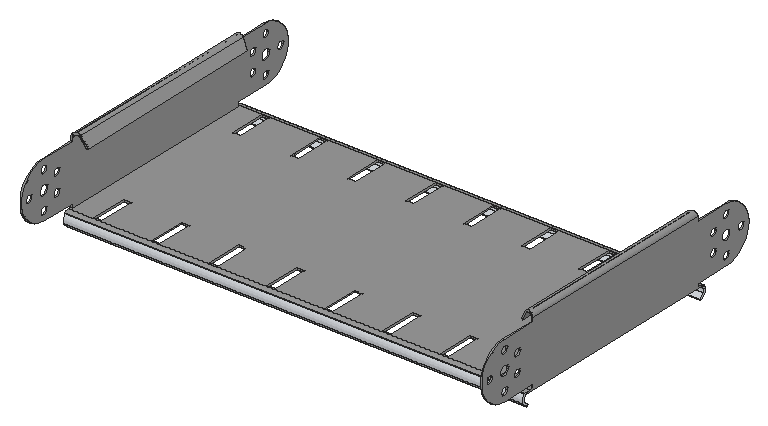
Revit family "Gelenkbogen-Element RGBEV 640FT", category Generic Models, Revit 2017
Family settings
  Can host rebar = No
  Round Connector Dimension = Use Diameter
  Part Type = Normal
  Work Plane-Based = No
  Always vertical = Yes
  Cut with Voids When Loaded = No
  Shared = No
  Room Calculation Point = No
Parameters (values of type "RGBEV 640 FT")
  URL = "http://www.obo-bettermann.com"
  Material = Hot dip galvanised
  Manufacturer Art.No. = "7075405"
  Manufacturer = "OBO BETTERMANN"
  GTIN = "4012196228256"
  Cut's number 2 = 5
  Cut's number = 4
  Article Type = "RGBEV 640 FT"
Reference planes
  plane 1 "Center (Front/Back)": y = 0
  plane 2: z = 0
  plane 3 "Center (Left/Right)": x = 0
  plane 4: z = 60
  plane 5: z = 60
  plane 6: x = -187.5
  plane 7: x = 187.46
  plane 8: z = 49.891
  plane 9: y = 400
  plane 10: y = 200
  plane 11: y = 289.25
  plane 12: y = 110.75
  plane 13: y = 200
  plane 14: y = 298.25
  plane 15: y = 101.75
  plane 16: y = 288.906
  plane 17: y = 111.094
  plane 18: z = 28.502
  plane 19: y = 56
  plane 20: y = 80
  plane 21: y = 200
  plane 22: y = 350
  plane 23: y = 385
  plane 24: z = 52.502
  plane 25: z = 4.502
  plane 26: y = 200
  plane 27: z = 30
  plane 28: y = 344
  plane 29: y = 320
  plane 30: z = 52.502
  plane 31: z = 4.502
  plane 32: z = 28.502
  plane 33: y = 320
  plane 34: y = 344
  plane 35: z = 28.502
  plane 36: y = 80
  plane 37: y = 56
  plane 38: y = 101.5
  plane 39: y = 298.5
  plane 40: z = -11.2
  plane 41: y = 298.5
  plane 42: y = 101.5
  plane 43: z = -11.2
  plane 44: x = -175
  plane 45: y = 275
  plane 46: x = -25
  plane 47: x = 25
  plane 48: y = 275
  plane 49: x = -125
  plane 50: y = 275
  plane 51: x = 25
  plane 52: x = 75
  plane 53: y = 275
  plane 54: x = -75
  plane 55: y = 275
  plane 56: x = 75
  plane 57: x = 125
  plane 58: y = 275
  plane 59: x = -25
  plane 60: y = 275
  plane 61: x = 125
  plane 62: x = 175
  plane 63: y = 275
  plane 64: x = 25
  plane 65: y = 275
  plane 66: x = 175
  plane 67: x = 225
  plane 68: y = 275
  plane 69: x = -225
  plane 70: y = 275
  plane 71: x = -75
  plane 72: x = -25
  plane 73: y = 275
  plane 74: x = -275
  plane 75: y = 275
  plane 76: x = -125
  plane 77: x = -75
  plane 78: y = 275
  plane 79: x = -325
  plane 80: y = 275
  plane 81: x = -175
  plane 82: x = -125
  plane 83: y = 275
  plane 84: x = -175
  plane 85: y = 125
  plane 86: x = -25
  plane 87: x = 25
  plane 88: y = 125
  plane 89: x = -125
  plane 90: y = 125
  plane 91: x = 25
  plane 92: x = 75
  plane 93: y = 125
  plane 94: x = -75
  plane 95: y = 125
  plane 96: x = 75
  plane 97: x = 125
  plane 98: y = 125
  plane 99: x = -25
  plane 100: y = 125
  plane 101: x = 125
  plane 102: x = 175
  plane 103: y = 125
  plane 104: x = 25
  plane 105: y = 125
  plane 106: x = 175
  plane 107: x = 225
  plane 108: y = 125
  plane 109: x = -225
  plane 110: y = 125
  plane 111: x = -75
  plane 112: x = -25
  plane 113: y = 125
  plane 114: x = -275
  plane 115: y = 125
  plane 116: x = -125
  plane 117: x = -75
  plane 118: y = 125
  plane 119: x = -325
  plane 120: y = 125
  plane 121: x = -175
  plane 122: x = -125
  plane 123: y = 125
  plane 124: z = 28.502
  plane 125: y = 80
  plane 126: z = 28.502
  plane 127: y = 320
  plane 128: z = 28.502
  plane 129: y = 80
  plane 130: z = 28.502
  plane 131: y = 320
Forms (mm)
  Extrusion 1, solid, material "Hot dip galvanised" <- "Material"
    sketch origin (0, 0, 0) x (1, 0, 0) y (0, 0, 1)
      loop
        line (-200, 0) -> (200, 0) -> (200, 56)
        arc (200, 56) -> (197.101, 59.848) -> (192.603, 58.121) r 4.003
        line (192.603, 58.121) -> (187.46, 49.891) -> (188.563, 49.202) -> (193.705, 57.432)
        arc (193.705, 57.432) -> (196.742, 58.598) -> (198.7, 56) r 2.703
        line (198.7, 56) -> (198.7, 1.3) -> (-198.7, 1.3) -> (-198.7, 56.008)
        arc (-198.7, 56.008) -> (-196.755, 58.615) -> (-193.701, 57.493) r 2.72
        line (-193.701, 57.493) -> (-188.544, 49.24) -> (-187.441, 49.928) -> (-192.571, 58.138)
        arc (-192.571, 58.138) -> (-197.088, 59.872) -> (-200, 56.008) r 4.02
        line (-200, 56.008) -> (-200, 0)
    from 0 to -400
  Extrusion 2, void
    sketch origin (0, 0, 0) x (1, 0, 0) y (0, 1, 0)
      loop
        line (-198.7, 288.902) -> (-187.441, 285.885) -> (-187.441, 400) -> (-198.7, 400) -> (-198.7, 288.902)
      loop
        line (-198.7, 111.098) -> (-198.7, -1.18) -> (-187.441, -1.18) -> (-187.441, 114.115) -> (-198.7, 111.098)
    from 49.275 to 60.078
  Extrusion 3, void
    sketch origin (0, 0, 0) x (1, 0, 0) y (0, 1, 0)
      loop
        line (198.7, 288.725) -> (198.7, 400) -> (187.46, 400) -> (187.46, 285.714) -> (198.7, 288.725)
      loop
        line (198.7, 111.181) -> (187.46, 114.193) -> (187.46, 0) -> (198.7, 0) -> (198.7, 111.181)
    from 48.892 to 60.301
  Extrusion 4, void
    sketch origin (0, 0, 0) x (0, 1, 0) y (0, 0, 1)
      loop
        line (80, 52.502) -> (111.094, 52.502) -> (111.094, 58.953) -> (-3.906, 58.953) -> (-3.906, 1.3) -> (111.094, 1.3) -> (111.094, 4.502) -> (80, 4.502)
        arc (80, 4.502) -> (56, 28.502) -> (80, 52.502) r 24
    from 198.7 to 200
  Extrusion 5, void
    sketch origin (0, 0, 0) x (0, 1, 0) y (0, 0, 1)
      loop
        arc (320, 52.502) -> (344, 28.502) -> (320, 4.502) r 24
        line (320, 4.502) -> (288.906, 4.502) -> (288.906, 1.3) -> (400, 1.3) -> (400, 58.968) -> (288.906, 58.968) -> (288.906, 52.502) -> (320, 52.502)
    from 198.7 to 200
  Extrusion 6, void
    sketch origin (0, 0, 0) x (0, 1, 0) y (0, 0, 1)
      loop
        arc (320, 52.502) -> (344, 28.502) -> (320, 4.502) r 24
        line (320, 4.502) -> (290, 4.502) -> (290, 1.3) -> (400, 1.3) -> (400, 58.968) -> (288.906, 58.968) -> (288.906, 52.502) -> (320, 52.502)
    from -198.7 to -200
  Extrusion 7, void
    sketch origin (0, 0, 0) x (0, 1, 0) y (0, 0, 1)
      loop
        line (80, 52.502) -> (111.094, 52.502) -> (111.094, 58.968) -> (0, 58.968) -> (0, 1.3) -> (111.094, 1.3) -> (111.094, 4.502) -> (80, 4.502)
        arc (80, 4.502) -> (56, 28.502) -> (80, 52.502) r 24
    from -198.7 to -200
  Extrusion 8, solid
    sketch origin (0, 0, 0) x (0, 1, 0) y (0, 0, 1)
      loop
        line (296.033, 0) -> (292.2, 0)
        arc (292.2, 0) -> (296.216, -2.022) -> (296.985, -6.452) r 5
        line (296.985, -6.452) -> (293.156, -10.281) -> (294.075, -11.2) -> (298.12, -7.155)
        arc (298.12, -7.155) -> (298.248, -3.236) -> (296.033, 0) r 6.3
    from 198.7 to -198.7
  Extrusion 9, solid
    sketch origin (0, 400, 0) x (0, -1, 0) y (0, 0, -1)
      loop
        arc (296.033, 0) -> (298.248, 3.236) -> (298.12, 7.155) r 6.3
        line (298.12, 7.155) -> (294.075, 11.2) -> (293.156, 10.281) -> (296.985, 6.452)
        arc (296.985, 6.452) -> (296.216, 2.022) -> (292.2, 0) r 5
        line (292.2, 0) -> (296.033, 0)
    from 198.7 to -198.7
  Extrusion 10, void
    sketch origin (0, 0, 0) x (0, 1, 0) y (0, 0, 1)
      loop
        arc (103.967, 0) -> (106.224, 0.969) -> (108.657, 1.3) r 9.11
        line (108.657, 1.3) -> (0, 1.3) -> (0, 0) -> (103.967, 0)
    from 200 to -200
  Extrusion 11, void
    sketch origin (0, 400, 0) x (0, -1, 0) y (0, 0, -1)
      loop
        line (103.967, 0) -> (0, 0) -> (0, -1.3) -> (108.657, -1.3)
        arc (108.657, -1.3) -> (106.224, -0.969) -> (103.967, 0) r 9.11
    from 200 to -200
  Extrusion 12, void
    sketch origin (0, 0, 0) x (1, 0, 0) y (0, 1, 0)
      loop
        line (-28.5, 291) -> (-28.5, 259) -> (-21.5, 259) -> (-21.5, 291) -> (-28.5, 291)
    from 1.3 to 0
  Extrusion 13, void
    sketch origin (50, 0, 0) x (1, 0, 0) y (0, 1, 0)
      loop
        line (-28.5, 291) -> (-28.5, 259) -> (-21.5, 259) -> (-21.5, 291) -> (-28.5, 291)
    from 1.3 to 0
  Extrusion 14, void
    sketch origin (100, 0, 0) x (1, 0, 0) y (0, 1, 0)
      loop
        line (-28.5, 291) -> (-28.5, 259) -> (-21.5, 259) -> (-21.5, 291) -> (-28.5, 291)
    from 1.3 to 0
  Extrusion 15, void
    sketch origin (150, 0, 0) x (1, 0, 0) y (0, 1, 0)
      loop
        line (-28.5, 291) -> (-28.5, 259) -> (-21.5, 259) -> (-21.5, 291) -> (-28.5, 291)
    from 1.3 to 0
  Extrusion 16, void
    sketch origin (200, 0, 0) x (1, 0, 0) y (0, 1, 0)
      loop
        line (-28.5, 291) -> (-28.5, 259) -> (-21.5, 259) -> (-21.5, 291) -> (-28.5, 291)
    from 1.3 to 0
  Extrusion 17, void
    sketch origin (-50, 0, 0) x (1, 0, 0) y (0, 1, 0)
      loop
        line (-28.5, 291) -> (-28.5, 259) -> (-21.5, 259) -> (-21.5, 291) -> (-28.5, 291)
    from 1.3 to 0
  Extrusion 18, void
    sketch origin (-100, 0, 0) x (1, 0, 0) y (0, 1, 0)
      loop
        line (-28.5, 291) -> (-28.5, 259) -> (-21.5, 259) -> (-21.5, 291) -> (-28.5, 291)
    from 1.3 to 0
  Extrusion 19, void
    sketch origin (-150, 0, 0) x (1, 0, 0) y (0, 1, 0)
      loop
        line (-28.5, 291) -> (-28.5, 259) -> (-21.5, 259) -> (-21.5, 291) -> (-28.5, 291)
    from 1.3 to 0
  Extrusion 20, void
    sketch origin (0, 400, 0) x (1, 0, 0) y (0, 1, 0)
      loop
        line (-28.5, -291) -> (-21.5, -291) -> (-21.5, -259) -> (-28.5, -259) -> (-28.5, -291)
    from 1.3 to 0
  Extrusion 21, void
    sketch origin (50, 400, 0) x (1, 0, 0) y (0, 1, 0)
      loop
        line (-28.5, -291) -> (-21.5, -291) -> (-21.5, -259) -> (-28.5, -259) -> (-28.5, -291)
    from 1.3 to 0
  Extrusion 22, void
    sketch origin (100, 400, 0) x (1, 0, 0) y (0, 1, 0)
      loop
        line (-28.5, -291) -> (-21.5, -291) -> (-21.5, -259) -> (-28.5, -259) -> (-28.5, -291)
    from 1.3 to 0
  Extrusion 23, void
    sketch origin (150, 400, 0) x (1, 0, 0) y (0, 1, 0)
      loop
        line (-28.5, -291) -> (-21.5, -291) -> (-21.5, -259) -> (-28.5, -259) -> (-28.5, -291)
    from 1.3 to 0
  Extrusion 24, void
    sketch origin (200, 400, 0) x (1, 0, 0) y (0, 1, 0)
      loop
        line (-28.5, -291) -> (-21.5, -291) -> (-21.5, -259) -> (-28.5, -259) -> (-28.5, -291)
    from 1.3 to 0
  Extrusion 25, void
    sketch origin (-50, 400, 0) x (1, 0, 0) y (0, 1, 0)
      loop
        line (-28.5, -291) -> (-21.5, -291) -> (-21.5, -259) -> (-28.5, -259) -> (-28.5, -291)
    from 1.3 to 0
  Extrusion 26, void
    sketch origin (-100, 400, 0) x (1, 0, 0) y (0, 1, 0)
      loop
        line (-28.5, -291) -> (-21.5, -291) -> (-21.5, -259) -> (-28.5, -259) -> (-28.5, -291)
    from 1.3 to 0
  Extrusion 27, void
    sketch origin (-150, 400, 0) x (1, 0, 0) y (0, 1, 0)
      loop
        line (-28.5, -291) -> (-21.5, -291) -> (-21.5, -259) -> (-28.5, -259) -> (-28.5, -291)
    from 1.3 to 0
  Extrusion 28, void
    sketch origin (0, 0, 0) x (0, 1, 0) y (0, 0, 1)
      loop
        circle (80, 28.502) r 4.5
      loop
        circle (93.889, 36.521) r 3.478
      loop
        circle (80, 44.539) r 3.466
      loop
        circle (63.962, 28.502) r 3.483
      loop
        circle (80, 12.464) r 3.5
      loop
        circle (93.889, 20.483) r 3.491
    from -198.7 to -200
  Extrusion 29, void
    sketch origin (0, 400, 0) x (0, -1, 0) y (0, 0, -1)
      loop
        circle (80, -28.502) r 4.5
      loop
        circle (93.889, -36.521) r 3.478
      loop
        circle (80, -44.539) r 3.466
      loop
        circle (63.962, -28.502) r 3.483
      loop
        circle (80, -12.464) r 3.5
      loop
        circle (93.889, -20.483) r 3.491
    from -198.7 to -200
  Extrusion 30, void
    sketch origin (0, 0, 0) x (0, 1, 0) y (0, 0, -1)
      loop
        circle (80, -28.502) r 4.5
      loop
        circle (93.889, -36.521) r 3.478
      loop
        circle (80, -44.539) r 3.466
      loop
        circle (63.962, -28.502) r 3.483
      loop
        circle (80, -12.464) r 3.5
      loop
        circle (93.889, -20.483) r 3.491
    from -198.7 to -200
  Extrusion 31, void
    sketch origin (0, 400, 0) x (0, -1, 0) y (0, 0, 1)
      loop
        circle (80, 28.502) r 4.5
      loop
        circle (93.889, 36.521) r 3.478
      loop
        circle (80, 44.539) r 3.466
      loop
        circle (63.962, 28.502) r 3.483
      loop
        circle (80, 12.464) r 3.5
      loop
        circle (93.889, 20.483) r 3.491
    from -198.7 to -200
Cuts and joins
  Extrusion 2, Extrusion 3, Extrusion 4, Extrusion 5, Extrusion 6, Extrusion 7, Extrusion 10, Extrusion 11, Extrusion 12, Extrusion 13, Extrusion 14, Extrusion 15, Extrusion 16, Extrusion 17, Extrusion 18, Extrusion 19, Extrusion 20, Extrusion 21, Extrusion 22, Extrusion 23, Extrusion 24, Extrusion 25, Extrusion 26, Extrusion 27, Extrusion 28, Extrusion 29, Extrusion 30, Extrusion 31 cuts Extrusion 1
Dimensions and locks
  Extrusion 1 sketch curve to Extrusion 1 sketch curve = 400 mm
  plane 3 "Center (Left/Right)" to Extrusion 1 sketch curve = 200 mm
  Extrusion 1 sketch curve to Extrusion 1 sketch curve = 1.3 mm
  locked: Extrusion 1 sketch curve to Extrusion 1 sketch curve at 1.3  (x6)
  Extrusion 1 sketch curve to Extrusion 1 sketch curve = 12.559 mm
  locked: Extrusion 1 sketch curve to Extrusion 1 sketch curve at 12.54
  locked: Extrusion 1 sketch curve to Extrusion 1 sketch curve at 60.027
  locked: Extrusion 1 sketch curve to Extrusion 1 sketch curve at 60.003
  locked: plane 4 to Extrusion 1 sketch curve at 60
  locked: Extrusion 1 sketch curve to Extrusion 1 sketch curve at 47.902
  locked: Extrusion 1 sketch curve to Extrusion 1 sketch curve at 47.94
  locked: Extrusion 1 to Extrusion 1 at 1.3  (x2)
  locked: plane 1 "Center (Front/Back)" to plane 9 at 400
  cut or joined group 1 (Extrusion 1, Extrusion 2, Extrusion 3, Extrusion 4, Extrusion 5, Extrusion 6, Extrusion 7, Extrusion 10, Extrusion 11, Extrusion 12, Extrusion 13, Extrusion 14, Extrusion 15, Extrusion 16, Extrusion 17, Extrusion 18, Extrusion 19, Extrusion 20, Extrusion 21, Extrusion 22, Extrusion 23, Extrusion 24, Extrusion 25, Extrusion 26, Extrusion 27, Extrusion 28, Extrusion 29, Extrusion 30, Extrusion 31) to plane 13 = 200 mm
  locked: plane 1 "Center (Front/Back)" to plane 21 at 200
  locked: plane 20 to plane 21 at 120
  plane 19 to plane 21 = 144 mm
  plane 24 to plane 18 = 24 mm
  locked: plane 1 "Center (Front/Back)" to plane 26 at 200
  cut or joined group 1 to plane 27 = 30 mm
  locked: plane 26 to plane 28 at 144
  locked: plane 32 to cut or joined group 1 at 24
  locked: plane 34 to plane 26 at 144
  locked: plane 26 to plane 37 at 144
  locked: plane 38 to plane 26 at 98.5
  locked: plane 26 to plane 39 at 98.5
  locked: Extrusion 8 sketch curve to Extrusion 8 sketch curve at 1.3
  locked: Extrusion 8 sketch curve to Extrusion 8 sketch curve at 11.37
  locked: Extrusion 9 sketch curve to Extrusion 9 sketch curve at 1.3
  locked: Extrusion 9 sketch curve to Extrusion 9 sketch curve at 11.37
  plane 44 to plane 3 "Center (Left/Right)" = 175 mm
  locked: Extrusion 12 sketch curve to Extrusion 12 sketch curve at 7
  locked: plane 46 to Extrusion 12 sketch curve at 3.5
  locked: Extrusion 12 sketch curve to Extrusion 12 sketch curve at 32
  locked: plane 48 to Extrusion 12 sketch curve at 16
  locked: Extrusion 13 sketch curve to Extrusion 13 sketch curve at 7
  locked: plane 51 to Extrusion 13 sketch curve at 3.5
  locked: Extrusion 13 sketch curve to Extrusion 13 sketch curve at 32
  locked: plane 53 to Extrusion 13 sketch curve at 16
  locked: Extrusion 14 sketch curve to Extrusion 14 sketch curve at 7
  locked: plane 56 to Extrusion 14 sketch curve at 3.5
  locked: Extrusion 14 sketch curve to Extrusion 14 sketch curve at 32
  locked: plane 58 to Extrusion 14 sketch curve at 16
  locked: Extrusion 15 sketch curve to Extrusion 15 sketch curve at 7
  locked: plane 61 to Extrusion 15 sketch curve at 3.5
  locked: Extrusion 15 sketch curve to Extrusion 15 sketch curve at 32
  locked: plane 63 to Extrusion 15 sketch curve at 16
  locked: Extrusion 16 sketch curve to Extrusion 16 sketch curve at 7
  locked: plane 66 to Extrusion 16 sketch curve at 3.5
  locked: Extrusion 16 sketch curve to Extrusion 16 sketch curve at 32
  locked: plane 68 to Extrusion 16 sketch curve at 16
  locked: Extrusion 17 sketch curve to Extrusion 17 sketch curve at 7
  locked: plane 71 to Extrusion 17 sketch curve at 3.5
  locked: Extrusion 17 sketch curve to Extrusion 17 sketch curve at 32
  locked: plane 73 to Extrusion 17 sketch curve at 16
  locked: Extrusion 18 sketch curve to Extrusion 18 sketch curve at 7
  locked: plane 76 to Extrusion 18 sketch curve at 3.5
  locked: Extrusion 18 sketch curve to Extrusion 18 sketch curve at 32
  locked: plane 78 to Extrusion 18 sketch curve at 16
  locked: Extrusion 19 sketch curve to Extrusion 19 sketch curve at 7
  locked: plane 81 to Extrusion 19 sketch curve at 3.5
  locked: Extrusion 19 sketch curve to Extrusion 19 sketch curve at 32
  locked: plane 83 to Extrusion 19 sketch curve at 16
  locked: Extrusion 20 sketch curve to Extrusion 20 sketch curve at 7
  locked: plane 86 to Extrusion 20 sketch curve at 3.5
  locked: Extrusion 20 sketch curve to Extrusion 20 sketch curve at 32
  locked: Extrusion 20 sketch curve to plane 88 at 16
  locked: Extrusion 21 sketch curve to Extrusion 21 sketch curve at 7
  locked: plane 91 to Extrusion 21 sketch curve at 3.5
  locked: Extrusion 21 sketch curve to Extrusion 21 sketch curve at 32
  locked: Extrusion 21 sketch curve to plane 93 at 16
  locked: Extrusion 22 sketch curve to Extrusion 22 sketch curve at 7
  locked: plane 96 to Extrusion 22 sketch curve at 3.5
  locked: Extrusion 22 sketch curve to Extrusion 22 sketch curve at 32
  locked: Extrusion 22 sketch curve to plane 98 at 16
  locked: Extrusion 23 sketch curve to Extrusion 23 sketch curve at 7
  locked: plane 101 to Extrusion 23 sketch curve at 3.5
  locked: Extrusion 23 sketch curve to Extrusion 23 sketch curve at 32
  locked: Extrusion 23 sketch curve to plane 103 at 16
  locked: Extrusion 24 sketch curve to Extrusion 24 sketch curve at 7
  locked: plane 106 to Extrusion 24 sketch curve at 3.5
  locked: Extrusion 24 sketch curve to Extrusion 24 sketch curve at 32
  locked: plane 108 to Extrusion 24 sketch curve at 16
  locked: Extrusion 25 sketch curve to Extrusion 25 sketch curve at 7
  locked: plane 111 to Extrusion 25 sketch curve at 3.5
  locked: Extrusion 25 sketch curve to Extrusion 25 sketch curve at 32
  locked: Extrusion 25 sketch curve to plane 113 at 16
  locked: Extrusion 26 sketch curve to Extrusion 26 sketch curve at 7
  locked: plane 116 to Extrusion 26 sketch curve at 3.5
  locked: Extrusion 26 sketch curve to Extrusion 26 sketch curve at 32
  locked: Extrusion 26 sketch curve to plane 118 at 16
  locked: Extrusion 27 sketch curve to Extrusion 27 sketch curve at 7
  locked: plane 121 to Extrusion 27 sketch curve at 3.5
  locked: Extrusion 27 sketch curve to Extrusion 27 sketch curve at 32
  locked: Extrusion 27 sketch curve to plane 123 at 16
  locked: plane 125 to plane 26 at 120
  locked: plane 124 to cut or joined group 1 at 24
  radius of Extrusion 1 sketch curve = 2.72 mm
  locked: Extrusion 1 sketch curve to Extrusion 1 sketch curve (angle 32.00°)  (x2)
  aligned and locked: level to plane 2
  aligned and locked: plane 9 to Extrusion 1
  aligned and locked: plane 1 "Center (Front/Back)" to Extrusion 1
  aligned and locked: Extrusion 1 to Extrusion 2 sketch curve
  aligned and locked: Extrusion 2 sketch curve to Extrusion 1  (x2)
  aligned and locked: Extrusion 3 to Extrusion 1
  aligned and locked: Extrusion 4 sketch curve to cut or joined group 1
  aligned and locked: Extrusion 1 to Extrusion 4
  aligned and locked: Extrusion 4 to Extrusion 1
  aligned and locked: Extrusion 1 to Extrusion 5
  aligned and locked: Extrusion 5 to Extrusion 1
  aligned and locked: Extrusion 6 sketch curve to cut or joined group 1
  aligned and locked: Extrusion 6 to Extrusion 1  (x2)
  aligned and locked: plane 1 "Center (Front/Back)" to Extrusion 7 sketch curve
  aligned and locked: Extrusion 7 to Extrusion 1
  aligned and locked: Extrusion 1 to Extrusion 7
  aligned and locked: level to Extrusion 8
  aligned and locked: Extrusion 8 to cut or joined group 1  (x2)
  aligned and locked: Extrusion 9 to cut or joined group 1  (x2)
  aligned and locked: Extrusion 10 sketch curve to cut or joined group 1
  aligned and locked: level to Extrusion 10 sketch curve
  aligned and locked: Extrusion 10 sketch curve to plane 1 "Center (Front/Back)"
  aligned and locked: Extrusion 1 to Extrusion 10
  aligned and locked: Extrusion 10 to Extrusion 1
  aligned and locked: Extrusion 1 to Extrusion 12
  aligned and locked: Extrusion 12 to level
  aligned and locked: Extrusion 1 to Extrusion 28  (x2)
Automatic sketch dimensions
  Extrusion 1 sketch curve to Extrusion 1 sketch curve = 0 mm
  Extrusion 1 sketch curve to plane 4 = 2.507 mm
  Extrusion 2 sketch curve to plane 9 = 0 mm
  Extrusion 2 sketch curve to Extrusion 2 sketch curve = 11.259 mm
  Extrusion 2 sketch curve to plane 16 = 0.004 mm
  Extrusion 2 sketch curve to plane 16 = 3.021 mm
  plane 17 to Extrusion 2 sketch curve = 3.021 mm
  plane 17 to Extrusion 2 sketch curve = 0.004 mm
  plane 1 "Center (Front/Back)" to Extrusion 2 sketch curve = 1.18 mm
  plane 1 "Center (Front/Back)" to Extrusion 3 sketch curve = 0 mm
  Extrusion 3 sketch curve to plane 9 = 0 mm
  plane 3 "Center (Left/Right)" to Extrusion 3 sketch curve = 187.46 mm
  Extrusion 3 sketch curve to plane 16 = 3.192 mm
  Extrusion 3 sketch curve to Extrusion 3 sketch curve = 0 mm
  Extrusion 3 sketch curve to plane 16 = 0.181 mm
  Extrusion 3 sketch curve to Extrusion 3 sketch curve = 11.24 mm  (x2)
  plane 17 to Extrusion 3 sketch curve = 0.087 mm
  plane 17 to Extrusion 3 sketch curve = 3.099 mm
  Extrusion 4 sketch curve to plane 20 = 0 mm
  Extrusion 4 sketch curve to plane 17 = 0 mm  (x2)
  plane 25 to Extrusion 4 sketch curve = 0 mm
  Extrusion 4 sketch curve to plane 18 = 0 mm
  plane 1 "Center (Front/Back)" to Extrusion 4 sketch curve = 3.906 mm
  plane 24 to Extrusion 4 sketch curve = 6.451 mm
  Extrusion 5 sketch curve to plane 16 = 0 mm  (x2)
  Extrusion 5 sketch curve to plane 29 = 0 mm
  Extrusion 5 sketch curve to plane 9 = 0 mm
  Extrusion 5 sketch curve to plane 31 = 0 mm
  Extrusion 5 sketch curve to plane 30 = 0 mm
  level to Extrusion 5 sketch curve = 1.3 mm
  plane 30 to Extrusion 5 sketch curve = 6.466 mm
  Extrusion 6 sketch curve to plane 16 = 0 mm
  Extrusion 6 sketch curve to plane 33 = 0 mm
  Extrusion 6 sketch curve to plane 9 = 0 mm
  Extrusion 6 sketch curve to plane 32 = 0 mm
  plane 16 to Extrusion 6 sketch curve = 1.094 mm
  Extrusion 6 sketch curve to Extrusion 6 sketch curve = 3.202 mm
  Extrusion 6 sketch curve to Extrusion 6 sketch curve = 6.466 mm
  Extrusion 7 sketch curve to plane 36 = 0 mm
  Extrusion 7 sketch curve to plane 17 = 0 mm  (x2)
  Extrusion 7 sketch curve to plane 35 = 0 mm
  level to Extrusion 7 sketch curve = 4.502 mm
  level to Extrusion 7 sketch curve = 1.3 mm
  Extrusion 7 sketch curve to Extrusion 7 sketch curve = 6.466 mm
  Extrusion 8 sketch curve to level = 0 mm
  plane 16 to Extrusion 8 sketch curve = 3.294 mm
  Extrusion 8 sketch curve to Extrusion 8 sketch curve = 0 mm
  plane 40 to Extrusion 8 sketch curve = 0.919 mm
  plane 16 to Extrusion 8 sketch curve = 4.25 mm
  Extrusion 8 sketch curve to plane 40 = 0 mm
  Extrusion 8 sketch curve to plane 39 = 1.515 mm
  Extrusion 8 sketch curve to plane 39 = 0.38 mm
  Extrusion 9 sketch curve to level = 0 mm
  plane 17 to Extrusion 9 sketch curve = 3.294 mm
  Extrusion 9 sketch curve to Extrusion 9 sketch curve = 0 mm
  Extrusion 9 sketch curve to plane 43 = 0.919 mm
  plane 17 to Extrusion 9 sketch curve = 4.25 mm
  plane 43 to Extrusion 9 sketch curve = 0 mm
  plane 42 to Extrusion 9 sketch curve = 1.515 mm
  plane 42 to Extrusion 9 sketch curve = 0.38 mm
  Extrusion 10 sketch curve to plane 17 = 7.127 mm
  Extrusion 10 sketch curve to plane 17 = 2.437 mm
  Extrusion 11 sketch curve to level = 0 mm
  Extrusion 11 sketch curve to plane 9 = 0 mm
  Extrusion 11 sketch curve to plane 16 = 7.127 mm
  Extrusion 11 sketch curve to level = 1.3 mm
  Extrusion 11 sketch curve to plane 16 = 2.437 mm
  Extrusion 28 sketch curve to plane 124 = 0 mm  (x2)
  Extrusion 28 sketch curve to plane 125 = 0 mm  (x3)
  Extrusion 28 sketch curve to Extrusion 28 sketch curve = 16.038 mm  (x2)
  plane 125 to Extrusion 28 sketch curve = 13.889 mm  (x2)
  Extrusion 28 sketch curve to plane 124 = 8.019 mm
  level to Extrusion 28 sketch curve = 12.464 mm
  plane 124 to Extrusion 28 sketch curve = 8.019 mm
  Extrusion 29 sketch curve to plane 126 = 0 mm  (x2)
  Extrusion 29 sketch curve to plane 127 = 0 mm  (x3)
  plane 127 to Extrusion 29 sketch curve = 16.038 mm
  Extrusion 29 sketch curve to plane 127 = 13.889 mm  (x2)
  plane 126 to Extrusion 29 sketch curve = 8.019 mm
  Extrusion 29 sketch curve to level = 12.464 mm
  Extrusion 29 sketch curve to plane 126 = 8.019 mm
  Extrusion 29 sketch curve to Extrusion 29 sketch curve = 16.038 mm
  Extrusion 30 sketch curve to plane 128 = 0 mm  (x2)
  Extrusion 30 sketch curve to plane 129 = 0 mm  (x3)
  Extrusion 30 sketch curve to Extrusion 30 sketch curve = 16.038 mm
  plane 129 to Extrusion 30 sketch curve = 13.889 mm  (x2)
  plane 128 to Extrusion 30 sketch curve = 8.019 mm
  Extrusion 30 sketch curve to Extrusion 30 sketch curve = 8.019 mm
  Extrusion 30 sketch curve to plane 128 = 8.019 mm
  level to Extrusion 30 sketch curve = 12.464 mm
  Extrusion 31 sketch curve to plane 130 = 0 mm  (x2)
  Extrusion 31 sketch curve to plane 131 = 0 mm  (x3)
  Extrusion 31 sketch curve to plane 131 = 16.038 mm
  plane 131 to Extrusion 31 sketch curve = 13.889 mm  (x2)
  Extrusion 31 sketch curve to plane 130 = 8.019 mm
  level to Extrusion 31 sketch curve = 12.464 mm
  plane 130 to Extrusion 31 sketch curve = 8.019 mm
  Extrusion 31 sketch curve to Extrusion 31 sketch curve = 8.019 mm
  radius of Extrusion 28 sketch curve = 4.5 mm
  radius of Extrusion 28 sketch curve = 3.478 mm
  radius of Extrusion 28 sketch curve = 3.466 mm
  radius of Extrusion 28 sketch curve = 3.483 mm
  radius of Extrusion 28 sketch curve = 3.5 mm
  radius of Extrusion 28 sketch curve = 3.491 mm
  radius of Extrusion 29 sketch curve = 4.5 mm
  radius of Extrusion 29 sketch curve = 3.478 mm
  radius of Extrusion 29 sketch curve = 3.466 mm
  radius of Extrusion 29 sketch curve = 3.483 mm
  radius of Extrusion 29 sketch curve = 3.5 mm
  radius of Extrusion 29 sketch curve = 3.491 mm
  radius of Extrusion 30 sketch curve = 4.5 mm
  radius of Extrusion 30 sketch curve = 3.478 mm
  radius of Extrusion 30 sketch curve = 3.466 mm
  radius of Extrusion 30 sketch curve = 3.483 mm
  radius of Extrusion 30 sketch curve = 3.5 mm
  radius of Extrusion 30 sketch curve = 3.491 mm
  radius of Extrusion 31 sketch curve = 4.5 mm
  radius of Extrusion 31 sketch curve = 3.478 mm
  radius of Extrusion 31 sketch curve = 3.466 mm
  radius of Extrusion 31 sketch curve = 3.483 mm
  radius of Extrusion 31 sketch curve = 3.5 mm
  radius of Extrusion 31 sketch curve = 3.491 mm
